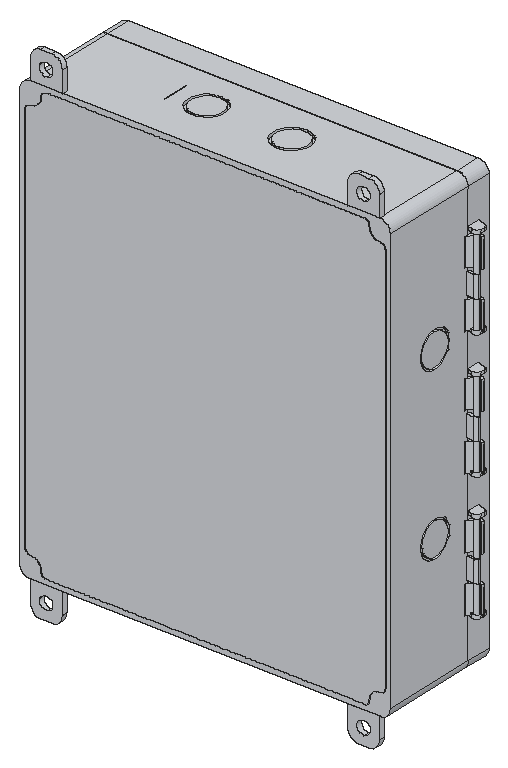
Revit family "Gas-Detectors_GSE-Generation-2-Standalone_Brasch", category Generic Models, Revit 2022
Family settings
  Can host rebar = No
  Round Connector Dimension = Use Diameter
  Part Type = Normal
  Work Plane-Based = No
  Always vertical = Yes
  Cut with Voids When Loaded = No
  Maintain Annotation Orientation = No
  Shared = No
  Room Calculation Point = No
Parameters (values of type "GSE2-ND, Nitrogen Dioxide Detector")
  WIDTH = 8.72"
  URL = "https://braschenvtech.com/"
  Specification = "https://www.arcat.com/company/brasch-environmental-technologies-52580/spec"
  Product Page URL = "https://www.arcat.com/company/brasch-environmental-technologies-52580"
  Material = Gray
  Manufacturer = "Brasch Environmental Technologies"  # constant formula
  Keynote = "28 42 15"
  Input Voltage = "24 VAC, 120 VAC"
  HEIGHT = 10.50"
  Default Elevation = 0.00"
  DEPTH = 2.90"
  Copyright = "@ARCAT"  # constant formula
  CAD Details = "https://www.arcat.com/company/brasch-environmental-technologies-52580/cad"
Types (5): name
  GSE2-CM, Carbon Monoxide Detector
  GSE2-ND, Nitrogen Dioxide Detector
  GSE2-OX, Oxygen Detector
  GSE2-NCM, Combination Detector, Nitrogen Dioxide and Carbon Monoxide
  GSE2, without any internal sensors
Reference planes (in)
  plane 1 "Center (Front/Back)": y = 0
  plane 2: z = 0
  plane 3 "Center (Left/Right)": x = 0
  plane 4: z = 0.3775
  plane 5: z = 0.4375
  plane 6: z = 0.4975
Forms (in)
  Extrusion 1, solid
    sketch origin (-4.37285, 0, 10.44843) x (0, 0, 1) y (-1, 0, 0)
      loop
        line (0.05157, -8.195) -> (0.05157, 0.025)
        arc (0.05157, 0.025) -> (-0.02165, 0.20178) -> (-0.19843, 0.275) r 0.25
        line (-0.19843, 0.275) -> (-10.19843, 0.275)
        arc (-10.19843, 0.275) -> (-10.37521, 0.20178) -> (-10.44843, 0.025) r 0.25
        line (-10.44843, 0.025) -> (-10.44843, -8.195)
        arc (-10.44843, -8.195) -> (-10.37521, -8.37178) -> (-10.19843, -8.445) r 0.25
        line (-10.19843, -8.445) -> (-0.19843, -8.445)
        arc (-0.19843, -8.445) -> (-0.02165, -8.37178) -> (0.05157, -8.195) r 0.25
      loop
        arc (-0.06843, -0.34997) -> (-0.10549, -0.26133) -> (-0.19462, -0.22546) r 0.12452
        arc (-0.19462, -0.22546) -> (-0.37407, -0.15113) -> (-0.44841, 0.02833) r 0.25379
        arc (-0.44841, 0.02833) -> (-0.48442, 0.1178) -> (-0.5734, 0.155) r 0.125
        line (-0.5734, 0.155) -> (-9.82346, 0.155)
        arc (-9.82346, 0.155) -> (-9.91244, 0.1178) -> (-9.94845, 0.02833) r 0.125
        arc (-9.94845, 0.02833) -> (-10.02279, -0.15113) -> (-10.20225, -0.22546) r 0.25379
        arc (-10.20225, -0.22546) -> (-10.29137, -0.26133) -> (-10.32843, -0.34997) r 0.12452
        line (-10.32843, -0.34997) -> (-10.32843, -7.82003)
        arc (-10.32843, -7.82003) -> (-10.29137, -7.90867) -> (-10.20225, -7.94454) r 0.12452
        arc (-10.20225, -7.94454) -> (-10.02279, -8.01887) -> (-9.94845, -8.19833) r 0.25379
        arc (-9.94845, -8.19833) -> (-9.91244, -8.2878) -> (-9.82346, -8.325) r 0.125
        line (-9.82346, -8.325) -> (-0.5734, -8.325)
        arc (-0.5734, -8.325) -> (-0.48442, -8.2878) -> (-0.44841, -8.19833) r 0.125
        arc (-0.44841, -8.19833) -> (-0.37407, -8.01887) -> (-0.19462, -7.94454) r 0.25379
        arc (-0.19462, -7.94454) -> (-0.10549, -7.90867) -> (-0.06843, -7.82003) r 0.12452
        line (-0.06843, -7.82003) -> (-0.06843, -0.34997)
    from 0 to -2.331
  Extrusion 2, solid
    sketch origin (0, 0, 0) x (1, 0, 0) y (0, 1, 0)
      loop
        line (4.1498, 2.38521) -> (4.07215, 2.276) -> (4.07215, 2.148)
        arc (4.07215, 2.148) -> (4.07469, 2.16427) -> (4.08205, 2.179) r 0.0535
        line (4.08205, 2.179) -> (4.20394, 2.35045)
        arc (4.20394, 2.35045) -> (4.25204, 2.37527) -> (4.30014, 2.35045) r 0.05902
        line (4.30014, 2.35045) -> (4.33643, 2.35045)
        arc (4.33643, 2.35045) -> (4.35667, 2.35809) -> (4.35724, 2.37971) r 0.01939
        arc (4.35724, 2.37971) -> (4.25498, 2.43774) -> (4.1498, 2.38521) r 0.125
    from 8.58333 to 9.25
  Extrusion 3, solid
    sketch origin (0, 0, -1.33333) x (1, 0, 0) y (0, 1, 0)
      loop
        line (4.1498, 2.38521) -> (4.07215, 2.276) -> (4.07215, 2.148)
        arc (4.07215, 2.148) -> (4.07469, 2.16427) -> (4.08205, 2.179) r 0.0535
        line (4.08205, 2.179) -> (4.20394, 2.35045)
        arc (4.20394, 2.35045) -> (4.25204, 2.37527) -> (4.30014, 2.35045) r 0.05902
        line (4.30014, 2.35045) -> (4.33643, 2.35045)
        arc (4.33643, 2.35045) -> (4.35667, 2.35809) -> (4.35724, 2.37971) r 0.01939
        arc (4.35724, 2.37971) -> (4.25498, 2.43774) -> (4.1498, 2.38521) r 0.125
    from 8.58333 to 9.25
  Extrusion 4, solid
    sketch origin (0, 0, -3) x (1, 0, 0) y (0, 1, 0)
      loop
        line (4.1498, 2.38521) -> (4.07215, 2.276) -> (4.07215, 2.148)
        arc (4.07215, 2.148) -> (4.07469, 2.16427) -> (4.08205, 2.179) r 0.0535
        line (4.08205, 2.179) -> (4.20394, 2.35045)
        arc (4.20394, 2.35045) -> (4.25204, 2.37527) -> (4.30014, 2.35045) r 0.05902
        line (4.30014, 2.35045) -> (4.33643, 2.35045)
        arc (4.33643, 2.35045) -> (4.35667, 2.35809) -> (4.35724, 2.37971) r 0.01939
        arc (4.35724, 2.37971) -> (4.25498, 2.43774) -> (4.1498, 2.38521) r 0.125
    from 8.58333 to 9.25
  Extrusion 5, solid
    sketch origin (0, 0, -4.33333) x (1, 0, 0) y (0, 1, 0)
      loop
        line (4.1498, 2.38521) -> (4.07215, 2.276) -> (4.07215, 2.148)
        arc (4.07215, 2.148) -> (4.07469, 2.16427) -> (4.08205, 2.179) r 0.0535
        line (4.08205, 2.179) -> (4.20394, 2.35045)
        arc (4.20394, 2.35045) -> (4.25204, 2.37527) -> (4.30014, 2.35045) r 0.05902
        line (4.30014, 2.35045) -> (4.33643, 2.35045)
        arc (4.33643, 2.35045) -> (4.35667, 2.35809) -> (4.35724, 2.37971) r 0.01939
        arc (4.35724, 2.37971) -> (4.25498, 2.43774) -> (4.1498, 2.38521) r 0.125
    from 8.58333 to 9.25
  Extrusion 6, solid
    sketch origin (0, 0, -6) x (1, 0, 0) y (0, 1, 0)
      loop
        line (4.1498, 2.38521) -> (4.07215, 2.276) -> (4.07215, 2.148)
        arc (4.07215, 2.148) -> (4.07469, 2.16427) -> (4.08205, 2.179) r 0.0535
        line (4.08205, 2.179) -> (4.20394, 2.35045)
        arc (4.20394, 2.35045) -> (4.25204, 2.37527) -> (4.30014, 2.35045) r 0.05902
        line (4.30014, 2.35045) -> (4.33643, 2.35045)
        arc (4.33643, 2.35045) -> (4.35667, 2.35809) -> (4.35724, 2.37971) r 0.01939
        arc (4.35724, 2.37971) -> (4.25498, 2.43774) -> (4.1498, 2.38521) r 0.125
    from 8.58333 to 9.25
  Extrusion 7, solid
    sketch origin (0, 0, -7.33333) x (1, 0, 0) y (0, 1, 0)
      loop
        line (4.1498, 2.38521) -> (4.07215, 2.276) -> (4.07215, 2.148)
        arc (4.07215, 2.148) -> (4.07469, 2.16427) -> (4.08205, 2.179) r 0.0535
        line (4.08205, 2.179) -> (4.20394, 2.35045)
        arc (4.20394, 2.35045) -> (4.25204, 2.37527) -> (4.30014, 2.35045) r 0.05902
        line (4.30014, 2.35045) -> (4.33643, 2.35045)
        arc (4.33643, 2.35045) -> (4.35667, 2.35809) -> (4.35724, 2.37971) r 0.01939
        arc (4.35724, 2.37971) -> (4.25498, 2.43774) -> (4.1498, 2.38521) r 0.125
    from 8.58333 to 9.25
  Extrusion 8, solid
    sketch origin (0, 0, 0) x (1, 0, 0) y (0, 1, 0)
      loop
        line (4.07215, 2.211) -> (4.27015, 2.211)
        arc (4.27015, 2.211) -> (4.31106, 2.21894) -> (4.34602, 2.24159) r 0.10938
        arc (4.34602, 2.24159) -> (4.3507, 2.26348) -> (4.33215, 2.276) r 0.02
        line (4.33215, 2.276) -> (4.30015, 2.276)
        arc (4.30015, 2.276) -> (4.25165, 2.25147) -> (4.20315, 2.276) r 0.0602
        line (4.20315, 2.276) -> (4.07215, 2.276) -> (4.07215, 2.211)
    from 7.99997 to 8.50003
  Extrusion 9, solid
    sketch origin (0, 0, -3) x (1, 0, 0) y (0, 1, 0)
      loop
        line (4.07215, 2.211) -> (4.27015, 2.211)
        arc (4.27015, 2.211) -> (4.31106, 2.21894) -> (4.34602, 2.24159) r 0.10938
        arc (4.34602, 2.24159) -> (4.3507, 2.26348) -> (4.33215, 2.276) r 0.02
        line (4.33215, 2.276) -> (4.30015, 2.276)
        arc (4.30015, 2.276) -> (4.25165, 2.25147) -> (4.20315, 2.276) r 0.0602
        line (4.20315, 2.276) -> (4.07215, 2.276) -> (4.07215, 2.211)
    from 7.99997 to 8.50003
  Extrusion 10, solid
    sketch origin (0, 0, -6) x (1, 0, 0) y (0, 1, 0)
      loop
        line (4.07215, 2.211) -> (4.27015, 2.211)
        arc (4.27015, 2.211) -> (4.31106, 2.21894) -> (4.34602, 2.24159) r 0.10938
        arc (4.34602, 2.24159) -> (4.3507, 2.26348) -> (4.33215, 2.276) r 0.02
        line (4.33215, 2.276) -> (4.30015, 2.276)
        arc (4.30015, 2.276) -> (4.25165, 2.25147) -> (4.20315, 2.276) r 0.0602
        line (4.20315, 2.276) -> (4.07215, 2.276) -> (4.07215, 2.211)
    from 7.99997 to 8.50003
  Extrusion 11, solid
    sketch origin (-4.1404, 0.12, 0.33138) x (0, 0, -1) y (-1, 0, 0)
      loop
        circle (-9.57553, -6.20256) r 0.14
      loop
        circle (-9.57553, -6.20256) r 0.05482
      loop
        circle (-9.57244, -1.5026) r 0.14
      loop
        circle (-9.57244, -1.5026) r 0.05482
      loop
        circle (-4.87594, -1.50149) r 0.14
      loop
        circle (-4.87594, -1.50149) r 0.05482
      loop
        circle (-4.87612, -6.20255) r 0.14
      loop
        circle (-4.87612, -6.20255) r 0.05482
    from 0 to 2.278
  Extrusion 12, solid
    sketch origin (-2.8954, 0.12, -3.98112) x (0, 0, -1) y (-1, 0, 0)
      loop
        circle (-4.87612, -6.20255) r 0.14
      loop
        circle (-4.87612, -6.20255) r 0.06853
      loop
        circle (-4.87612, -5.58255) r 0.14
      loop
        circle (-4.87612, -5.58255) r 0.06853
      loop
        circle (-4.87612, -2.91755) r 0.14
      loop
        circle (-4.87612, -2.91755) r 0.06853
      loop
        circle (-4.87612, -2.29755) r 0.14
      loop
        circle (-4.87612, -2.29755) r 0.06853
      loop
        circle (-4.87612, 0.98731) r 0.14
      loop
        circle (-4.87612, 0.98731) r 0.06853
      loop
        circle (-12.14112, 0.98745) r 0.14
      loop
        circle (-12.14112, 0.98745) r 0.06853
      loop
        circle (-12.14112, -6.20255) r 0.14
      loop
        circle (-12.14112, -6.20255) r 0.06853
      loop
        circle (-13.34612, -4.25005) r 0.14
      loop
        circle (-13.34612, -4.25005) r 0.06853
      loop
        circle (-13.34612, -0.96505) r 0.14
      loop
        circle (-13.34612, -0.96505) r 0.06853
      loop
        circle (-11.03862, -2.60755) r 0.14
      loop
        circle (-11.03862, -2.60755) r 0.06853
      loop
        circle (-9.48612, -0.96505) r 0.14
      loop
        circle (-9.48612, -0.96505) r 0.06853
      loop
        circle (-9.48612, -4.25005) r 0.14
      loop
        circle (-9.48612, -4.25005) r 0.06853
      loop
        circle (-9.88824, -6.211) r 0.14
      loop
        circle (-9.88824, -6.211) r 0.06853
      loop
        circle (-8.73612, -6.20255) r 0.14
      loop
        circle (-8.73612, -6.20255) r 0.06853
      loop
        circle (-8.73612, -5.58255) r 0.14
      loop
        circle (-8.73612, -5.58255) r 0.06853
      loop
        circle (-8.73612, -2.91755) r 0.14
      loop
        circle (-8.73612, -2.91755) r 0.06853
      loop
        circle (-8.73612, -2.29755) r 0.14
      loop
        circle (-8.73612, -2.29755) r 0.06853
      loop
        circle (-8.73612, 0.98745) r 0.14
      loop
        circle (-8.73612, 0.98745) r 0.06853
      loop
        circle (-9.93612, 0.98745) r 0.14
      loop
        circle (-9.93612, 0.98745) r 0.06853
    from 0 to 0.4
  Extrusion 13, solid
    sketch origin (-2.7504, 0.12, -4.27612) x (0, 0, -1) y (-1, 0, 0)
      loop
        circle (-4.87612, -6.20255) r 0.14
      loop
        circle (-4.87612, -6.20255) r 0.06853
      loop
        circle (-4.87612, 1.27745) r 0.14
      loop
        circle (-4.87612, 1.27745) r 0.06853
      loop
        circle (-14.17612, 1.27745) r 0.14
      loop
        circle (-14.17612, 1.27745) r 0.06853
      loop
        circle (-14.17612, -6.20255) r 0.14
      loop
        circle (-14.17612, -6.20255) r 0.06853
      loop
        circle (-9.52612, -2.46255) r 0.14
      loop
        circle (-9.52612, -2.46255) r 0.06853
    from 0 to 0.2
  Extrusion 14, solid
    sketch origin (1.94394, 0.7353, 5.1325) x (0, 1, 0) y (-1, 0, 0)
      loop
        line (-0.6153, 0.44574) -> (-0.6153, 0.00939) -> (-0.01296, 0.00939) -> (-0.6153, 0.44574)
      loop
        line (0, 4.46357) -> (-0.6153, 4.46357) -> (-0.6153, 4.01783) -> (0, 4.46357)
    from 0 to 0.15
  Extrusion 15, solid
    sketch origin (1.94393, 0.7353, 9.8315) x (0, 1, 0) y (-1, 0, 0)
      loop
        line (-0.6153, 0.44574) -> (-0.6153, 0.00939) -> (-0.01296, 0.00939) -> (-0.6153, 0.44574)
      loop
        line (0, 4.46357) -> (-0.6153, 4.46357) -> (-0.6153, 4.01783) -> (0, 4.46357)
    from 0 to 0.15
  Extrusion 16, solid
    sketch origin (-2.56285, 0.7353, 5.32572) x (0, 0, -1) y (0, 1, 0)
      loop
        line (0, 0) -> (-0.44574, -0.6153) -> (0, -0.6153) -> (0, 0)
      loop
        line (-4.46357, -0.6153) -> (-4.01683, -0.6153) -> (-4.46357, 0.00138) -> (-4.46357, -0.6153)
    from 0 to -0.15
  Extrusion 17, solid
    sketch origin (2.13635, 0.7353, 5.32572) x (0, 0, -1) y (0, 1, 0)
      loop
        line (0, 0) -> (-0.44574, -0.6153) -> (0, -0.6153) -> (0, 0)
      loop
        line (-4.46357, -0.6153) -> (-4.01683, -0.6153) -> (-4.46357, 0.00138) -> (-4.46357, -0.6153)
    from 0 to -0.15
  Extrusion 18, solid
    sketch origin (-4.1404, 0.12, 0.33138) x (0, 0, -1) y (-1, 0, 0)
      loop
        line (-10.04862, -0.11752) -> (-10.04862, -7.58759)
        arc (-10.04862, -7.58759) -> (-10.01156, -7.67622) -> (-9.92244, -7.7121) r 0.12452
        arc (-9.92244, -7.7121) -> (-9.74298, -7.78643) -> (-9.66864, -7.96589) r 0.25379
        arc (-9.66864, -7.96589) -> (-9.63263, -8.05535) -> (-9.54366, -8.09256) r 0.125
        line (-9.54366, -8.09256) -> (-0.29359, -8.09256)
        arc (-0.29359, -8.09256) -> (-0.20461, -8.05535) -> (-0.1686, -7.96589) r 0.125
        arc (-0.1686, -7.96589) -> (-0.09427, -7.78643) -> (0.08519, -7.7121) r 0.25379
        arc (0.08519, -7.7121) -> (0.17432, -7.67622) -> (0.21138, -7.58759) r 0.12452
        line (0.21138, -7.58759) -> (0.21138, -0.11752)
        arc (0.21138, -0.11752) -> (0.17432, -0.02889) -> (0.08519, 0.00698) r 0.12452
        arc (0.08519, 0.00698) -> (-0.09427, 0.08132) -> (-0.1686, 0.26078) r 0.25379
        arc (-0.1686, 0.26078) -> (-0.20461, 0.35024) -> (-0.29359, 0.38744) r 0.125
        line (-0.29359, 0.38744) -> (-9.54366, 0.38744)
        arc (-9.54366, 0.38744) -> (-9.63263, 0.35024) -> (-9.66864, 0.26078) r 0.125
        arc (-9.66864, 0.26078) -> (-9.74298, 0.08132) -> (-9.92244, 0.00698) r 0.25379
        arc (-9.92244, 0.00698) -> (-10.01156, -0.02889) -> (-10.04862, -0.11752) r 0.12452
    from 0 to -0.12
  Extrusion 19, solid
    sketch origin (-4.1404, 0.12, 0.33138) x (0, 0, -1) y (-1, 0, 0)
      loop
        line (0.83138, 0.25744) -> (0.33138, 0.25744) -> (0.33138, -0.49256) -> (0.83138, -0.49256)
        arc (0.83138, -0.49256) -> (1.00815, -0.41933) -> (1.08138, -0.24256) r 0.25
        line (1.08138, -0.24256) -> (1.08138, 0.00744)
        arc (1.08138, 0.00744) -> (1.00815, 0.18422) -> (0.83138, 0.25744) r 0.25
      loop
        line (0.83138, -7.21256) -> (0.33138, -7.21256) -> (0.33138, -7.96256) -> (0.83138, -7.96256)
        arc (0.83138, -7.96256) -> (1.00815, -7.88933) -> (1.08138, -7.71256) r 0.25
        line (1.08138, -7.71256) -> (1.08138, -7.46256)
        arc (1.08138, -7.46256) -> (1.00815, -7.28578) -> (0.83138, -7.21256) r 0.25
      loop
        circle (0.70638, -0.11756) r 0.16
      loop
        circle (0.70638, -7.58756) r 0.16
      loop
        arc (-10.66862, 0.25744) -> (-10.8454, 0.18422) -> (-10.91862, 0.00744) r 0.25
        line (-10.91862, 0.00744) -> (-10.91862, -0.24256)
        arc (-10.91862, -0.24256) -> (-10.8454, -0.41933) -> (-10.66862, -0.49256) r 0.25
        line (-10.66862, -0.49256) -> (-10.16862, -0.49256) -> (-10.16862, 0.25744) -> (-10.66862, 0.25744)
      loop
        arc (-10.66862, -7.21256) -> (-10.8454, -7.28578) -> (-10.91862, -7.46256) r 0.25
        line (-10.91862, -7.46256) -> (-10.91862, -7.71256)
        arc (-10.91862, -7.71256) -> (-10.8454, -7.88933) -> (-10.66862, -7.96256) r 0.25
        line (-10.66862, -7.96256) -> (-10.16862, -7.96256) -> (-10.16862, -7.21256) -> (-10.66862, -7.21256)
      loop
        circle (-10.54362, -0.11756) r 0.16
      loop
        circle (-10.54362, -7.58756) r 0.16
    from 0 to -0.12
  Extrusion 20, void
    sketch origin (-4.64785, 0, 10.25) x (0, 0, 1) y (0, -1, 0)
      loop
        circle (-3, -1.3) r 0.4375
      loop
        circle (-3, -1.3) r 0.375
      loop
        circle (-7.00175, -1.30665) r 0.4375
      loop
        circle (-7.00175, -1.30665) r 0.375
    from 0 to 0.066
  Extrusion 21, void
    sketch origin (4.07215, 0, 10.25) x (0, 0, 1) y (0, 1, 0)
      loop
        circle (-3, 1.3) r 0.4375
      loop
        circle (-3, 1.3) r 0.375
      loop
        circle (-7.00175, 1.30665) r 0.4375
      loop
        circle (-7.00175, 1.30665) r 0.375
    from 0 to 0.066
  Extrusion 22, void
    sketch origin (3.82215, 0, 10.5) x (0, -1, 0) y (-1, 0, 0)
      loop
        circle (-1.3, 3.11) r 0.4375
      loop
        circle (-1.3, 3.11) r 0.375
      loop
        circle (-1.3, 5.11) r 0.4375
      loop
        circle (-1.3, 5.11) r 0.375
    from 0 to 0.066
  Extrusion 23, void
    sketch origin (3.82215, 0, 0) x (1, 0, 0) y (0, 1, 0)
      loop
        circle (-4.11, 1.3) r 0.4375
      loop
        circle (-4.11, 1.3) r 0.375
      loop
        circle (-6.11, 1.3) r 0.4375
      loop
        circle (-6.11, 1.3) r 0.375
      loop
        circle (-2.11, 1.3) r 0.4375
      loop
        circle (-2.11, 1.3) r 0.375
    from 0 to 0.066
  Extrusion 24, void
    sketch origin (-4.1404, 0.12, 0.33138) x (0, 0, 1) y (-1, 0, 0)
      loop
        circle (9.91862, -7.96256) r 0.095
      loop
        circle (9.91862, 0.25744) r 0.095
      loop
        circle (-0.08138, 0.25744) r 0.095
      loop
        circle (-0.08138, -7.96256) r 0.095
    from 0 to -2.211
  Extrusion 25, void
    sketch origin (-4.1404, 0.12, 0.33138) x (0, 0, 1) y (-1, 0, 0)
      loop
        arc (0.11752, -7.96526) -> (0.1677, -8.08884) -> (0.2908, -8.14017) r 0.17328
        line (0.2908, -8.14017) -> (9.53397, -8.14017)
        arc (9.53397, -8.14017) -> (9.65805, -8.08761) -> (9.70665, -7.96192) r 0.17276
        arc (9.70665, -7.96192) -> (9.76671, -7.81193) -> (9.91574, -7.74951) r 0.20912
        arc (9.91574, -7.74951) -> (10.05002, -7.70032) -> (10.10658, -7.56896) r 0.18083
        line (10.10658, -7.56896) -> (10.10658, -0.1171)
        arc (10.10658, -0.1171) -> (10.06269, 0.00019) -> (9.95259, 0.05987) r 0.17868
        arc (9.95259, 0.05987) -> (9.79087, 0.1073) -> (9.72085, 0.2606) r 0.2028
        arc (9.72085, 0.2606) -> (9.67059, 0.38594) -> (9.54602, 0.43809) r 0.17486
        line (9.54602, 0.43809) -> (0.29665, 0.43809)
        arc (0.29665, 0.43809) -> (0.17157, 0.3861) -> (0.12017, 0.26078) r 0.17649
        arc (0.12017, 0.26078) -> (0.06099, 0.11654) -> (-0.08244, 0.05543) r 0.20536
        arc (-0.08244, 0.05543) -> (-0.20825, 0.00618) -> (-0.26095, -0.11821) r 0.1741
        line (-0.26095, -0.11821) -> (-0.26095, -7.58775)
        arc (-0.26095, -7.58775) -> (-0.20934, -7.71155) -> (-0.08507, -7.76202) r 0.17428
        arc (-0.08507, -7.76202) -> (0.05822, -7.82177) -> (0.11752, -7.96526) r 0.20324
      loop
        line (-0.33138, 0.25744) -> (-0.33138, -7.96256)
        arc (-0.33138, -7.96256) -> (-0.25815, -8.13933) -> (-0.08138, -8.21256) r 0.25
        line (-0.08138, -8.21256) -> (9.91862, -8.21256)
        arc (9.91862, -8.21256) -> (10.0954, -8.13933) -> (10.16862, -7.96256) r 0.25
        line (10.16862, -7.96256) -> (10.16862, 0.25744)
        arc (10.16862, 0.25744) -> (10.0954, 0.43422) -> (9.91862, 0.50744) r 0.25
        line (9.91862, 0.50744) -> (-0.08138, 0.50744)
        arc (-0.08138, 0.50744) -> (-0.25815, 0.43422) -> (-0.33138, 0.25744) r 0.25
    from -2.156 to -2.211
Cuts and joins
  Extrusion 20, Extrusion 21, Extrusion 22, Extrusion 23, Extrusion 24, Extrusion 25 cuts Extrusion 1
  Extrusion 25 cuts Extrusion 19
Dimensions and locks (in)
  locked: plane 4 to level at 0.3775
  plane 6 to plane 5 to plane 4 = 0.06" locked, 0.06" locked
  aligned and locked: plane 2 to level
Nested families (in)
  nested 1: "GSE2 lid" at (-0.00781, 2.77818, 0), type "GSE2 lid"
Definition of nested family "GSE2 lid"
  Parameters (values of type "GSE2 lid")
    Default Elevation = 0.00"
  Reference planes (in)
    plane 1 "Center (Front/Back)": y = 0
    plane 2: z = 0
    plane 3 "Center (Left/Right)": x = 0
  Forms (in)
    Extrusion 1, solid
      sketch origin (-3.43, 0.11, 0.7) x (0, 0, -1) y (-1, 0, 0)
        loop
          line (0.7, -7.26) -> (0.7, 0.96)
          arc (0.7, 0.96) -> (0.62678, 1.13678) -> (0.45, 1.21) r 0.25
          line (0.45, 1.21) -> (-9.55, 1.21)
          arc (-9.55, 1.21) -> (-9.72678, 1.13678) -> (-9.8, 0.96) r 0.25
          line (-9.8, 0.96) -> (-9.8, -7.26)
          arc (-9.8, -7.26) -> (-9.72678, -7.43678) -> (-9.55, -7.51) r 0.25
          line (-9.55, -7.51) -> (0.45, -7.51)
          arc (0.45, -7.51) -> (0.62678, -7.43678) -> (0.7, -7.26) r 0.25
        loop
          arc (0.48, 0.58503) -> (0.19365, 0.70365) -> (0.07503, 0.99) r 0.40497
          line (0.07503, 0.99) -> (-9.17503, 0.99)
          arc (-9.17503, 0.99) -> (-9.29365, 0.70365) -> (-9.58, 0.58503) r 0.40497
          line (-9.58, 0.58503) -> (-9.58, -6.88503)
          arc (-9.58, -6.88503) -> (-9.29365, -7.00365) -> (-9.17503, -7.29) r 0.40497
          line (-9.17503, -7.29) -> (0.07503, -7.29)
          arc (0.07503, -7.29) -> (0.19365, -7.00365) -> (0.48, -6.88503) r 0.40497
          line (0.48, -6.88503) -> (0.48, 0.58503)
      from 0 to -0.61
    Extrusion 2, solid
      sketch origin (-3.43, 0.11, 0.7) x (0, 0, -1) y (-1, 0, 0)
        loop
          line (0.07503, 0.99) -> (-9.17503, 0.99)
          arc (-9.17503, 0.99) -> (-9.29365, 0.70365) -> (-9.58, 0.58503) r 0.40497
          line (-9.58, 0.58503) -> (-9.58, -6.88503)
          arc (-9.58, -6.88503) -> (-9.29365, -7.00365) -> (-9.17503, -7.29) r 0.40497
          line (-9.17503, -7.29) -> (0.07503, -7.29)
          arc (0.07503, -7.29) -> (0.19365, -7.00365) -> (0.48, -6.88503) r 0.40497
          line (0.48, -6.88503) -> (0.48, 0.58503)
          arc (0.48, 0.58503) -> (0.19365, 0.70365) -> (0.07503, 0.99) r 0.40497
        loop
          arc (-6.732, -2.1335) -> (-6.75045, -2.08895) -> (-6.795, -2.0705) r 0.063
          line (-6.795, -2.0705) -> (-7.519, -2.0705)
          arc (-7.519, -2.0705) -> (-7.56355, -2.08895) -> (-7.582, -2.1335) r 0.063
          line (-7.582, -2.1335) -> (-7.582, -4.1665)
          arc (-7.582, -4.1665) -> (-7.56355, -4.21105) -> (-7.519, -4.2295) r 0.063
          line (-7.519, -4.2295) -> (-6.795, -4.2295)
          arc (-6.795, -4.2295) -> (-6.75045, -4.21105) -> (-6.732, -4.1665) r 0.063
          line (-6.732, -4.1665) -> (-6.732, -2.1335)
        loop
          arc (-6.353, -6.193) -> (-6.29, -6.13) -> (-6.353, -6.067) r 0.063
          line (-6.353, -6.067) -> (-7.353, -6.067)
          arc (-7.353, -6.067) -> (-7.416, -6.13) -> (-7.353, -6.193) r 0.063
          line (-7.353, -6.193) -> (-6.353, -6.193)
        loop
          circle (-6.833, -4.65) r 0.125
        loop
          circle (-6.283, -4.13) r 0.125
        loop
          circle (-6.283, -3.48) r 0.125
        loop
          circle (-6.283, -2.82) r 0.125
        loop
          circle (-6.283, -2.17) r 0.125
        loop
          circle (-6.833, -1.65) r 0.125
        loop
          circle (-7.483, -1.65) r 0.125
        loop
          circle (-8.033, -2.17) r 0.125
        loop
          circle (-8.033, -4.13) r 0.125
        loop
          circle (-7.483, -4.65) r 0.125
      from 0 to -0.11
    Extrusion 3, void
      sketch origin (-3.43, 0.11, 0.7) x (0, 0, -1) y (-1, 0, 0)
        loop
          line (-9.17396, -7.345) -> (0.07503, -7.345)
          arc (0.07503, -7.345) -> (0.13236, -7.32126) -> (0.1561, -7.26393) r 0.08107
          arc (0.1561, -7.26393) -> (0.25319, -7.04324) -> (0.47998, -6.96138) r 0.30599
          arc (0.47998, -6.96138) -> (0.51645, -6.93752) -> (0.535, -6.8981) r 0.08
          line (0.535, -6.8981) -> (0.535, 0.5981)
          arc (0.535, 0.5981) -> (0.51645, 0.63752) -> (0.47998, 0.66138) r 0.08
          arc (0.47998, 0.66138) -> (0.25319, 0.74324) -> (0.1561, 0.96393) r 0.30599
          arc (0.1561, 0.96393) -> (0.13236, 1.02126) -> (0.07503, 1.045) r 0.08107
          line (0.07503, 1.045) -> (-9.17396, 1.045)
          arc (-9.17396, 1.045) -> (-9.23128, 1.02126) -> (-9.25503, 0.96393) r 0.08107
          arc (-9.25503, 0.96393) -> (-9.35212, 0.74324) -> (-9.57891, 0.66138) r 0.30599
          arc (-9.57891, 0.66138) -> (-9.61947, 0.6324) -> (-9.635, 0.58503) r 0.08
          line (-9.635, 0.58503) -> (-9.635, -6.88503)
          arc (-9.635, -6.88503) -> (-9.61947, -6.9324) -> (-9.57891, -6.96138) r 0.08
          arc (-9.57891, -6.96138) -> (-9.35212, -7.04324) -> (-9.25503, -7.26393) r 0.30599
          arc (-9.25503, -7.26393) -> (-9.23128, -7.32126) -> (-9.17396, -7.345) r 0.08107
        loop
          arc (0.07611, -7.445) -> (0.18268, -7.41006) -> (0.24788, -7.31879) r 0.18
          arc (0.24788, -7.31879) -> (0.31568, -7.1246) -> (0.50987, -7.05681) r 0.23668
          arc (0.50987, -7.05681) -> (0.60673, -6.98353) -> (0.635, -6.8654) r 0.18
          line (0.635, -6.8654) -> (0.635, 0.5654)
          arc (0.635, 0.5654) -> (0.60673, 0.68353) -> (0.50987, 0.75681) r 0.18
          arc (0.50987, 0.75681) -> (0.31568, 0.8246) -> (0.24788, 1.01879) r 0.23668
          arc (0.24788, 1.01879) -> (0.18268, 1.11006) -> (0.07611, 1.145) r 0.18
          line (0.07611, 1.145) -> (-9.17503, 1.145)
          arc (-9.17503, 1.145) -> (-9.28161, 1.11006) -> (-9.34681, 1.01879) r 0.18
          arc (-9.34681, 1.01879) -> (-9.4146, 0.8246) -> (-9.60879, 0.75681) r 0.23668
          arc (-9.60879, 0.75681) -> (-9.70006, 0.69161) -> (-9.735, 0.58503) r 0.18
          line (-9.735, 0.58503) -> (-9.735, -6.88503)
          arc (-9.735, -6.88503) -> (-9.70006, -6.99161) -> (-9.60879, -7.05681) r 0.18
          arc (-9.60879, -7.05681) -> (-9.4146, -7.1246) -> (-9.34681, -7.31879) r 0.23668
          arc (-9.34681, -7.31879) -> (-9.28161, -7.41006) -> (-9.17503, -7.445) r 0.18
          line (-9.17503, -7.445) -> (0.07611, -7.445)
      from -0.61 to -0.512
    Extrusion 4, void
      sketch origin (-3.43, 0.11, 0.7) x (0, 0, -1) y (-1, 0, 0)
        loop
          circle (0.45, -7.26) r 0.0705
        loop
          circle (0.45, 0.96) r 0.0705
        loop
          circle (-9.55, 0.96) r 0.0705
        loop
          circle (-9.55, -7.26) r 0.0705
      from -0.04 to -0.61
    Extrusion 5, solid
      sketch origin (4.225, -0.40438, 1.2375) x (1, 0, 0) y (0, 1, 0)
        loop
          line (0.08715, 0.11037) -> (-0.145, 0.20438) -> (-0.145, -0.09562) -> (-0.00253, -0.15331)
          arc (-0.00253, -0.15331) -> (0.09089, -0.14355) -> (0.135, -0.06062) r 0.1
          line (0.135, -0.06062) -> (0.135, 0.03938)
          arc (0.135, 0.03938) -> (0.12192, 0.08218) -> (0.08715, 0.11037) r 0.07659
      from 0 to 0.075
    Extrusion 6, solid
      sketch origin (4.225, -0.40438, 3.3475) x (1, 0, 0) y (0, 1, 0)
        loop
          line (0.08715, 0.11037) -> (-0.145, 0.20438) -> (-0.145, -0.09562) -> (-0.00253, -0.15331)
          arc (-0.00253, -0.15331) -> (0.09089, -0.14355) -> (0.135, -0.06062) r 0.1
          line (0.135, -0.06062) -> (0.135, 0.03938)
          arc (0.135, 0.03938) -> (0.12192, 0.08218) -> (0.08715, 0.11037) r 0.07659
      from 0.01 to 0.085
    Extrusion 7, solid
      sketch origin (4.225, -0.40438, 1.2375) x (1, 0, 0) y (0, 1, 0)
        loop
          circle (0.03503, -0.06062) r 0.06027
      from 0.075 to 2.12
    Extrusion 8, solid
      sketch origin (4.225, -0.40438, 4.2375) x (1, 0, 0) y (0, 1, 0)
        loop
          line (0.08715, 0.11037) -> (-0.145, 0.20438) -> (-0.145, -0.09562) -> (-0.00253, -0.15331)
          arc (-0.00253, -0.15331) -> (0.09089, -0.14355) -> (0.135, -0.06062) r 0.1
          line (0.135, -0.06062) -> (0.135, 0.03938)
          arc (0.135, 0.03938) -> (0.12192, 0.08218) -> (0.08715, 0.11037) r 0.07659
      from 0 to 0.075
    Extrusion 9, solid
      sketch origin (4.225, -0.40438, 6.3475) x (1, 0, 0) y (0, 1, 0)
        loop
          line (0.08715, 0.11037) -> (-0.145, 0.20438) -> (-0.145, -0.09562) -> (-0.00253, -0.15331)
          arc (-0.00253, -0.15331) -> (0.09089, -0.14355) -> (0.135, -0.06062) r 0.1
          line (0.135, -0.06062) -> (0.135, 0.03938)
          arc (0.135, 0.03938) -> (0.12192, 0.08218) -> (0.08715, 0.11037) r 0.07659
      from 0.01 to 0.085
    Extrusion 10, solid
      sketch origin (4.225, -0.40438, 4.2375) x (1, 0, 0) y (0, 1, 0)
        loop
          circle (0.03503, -0.06062) r 0.06027
      from 0.075 to 2.12
    Extrusion 11, solid
      sketch origin (4.225, -0.40438, 7.2375) x (1, 0, 0) y (0, 1, 0)
        loop
          line (0.08715, 0.11037) -> (-0.145, 0.20438) -> (-0.145, -0.09562) -> (-0.00253, -0.15331)
          arc (-0.00253, -0.15331) -> (0.09089, -0.14355) -> (0.135, -0.06062) r 0.1
          line (0.135, -0.06062) -> (0.135, 0.03938)
          arc (0.135, 0.03938) -> (0.12192, 0.08218) -> (0.08715, 0.11037) r 0.07659
      from 0 to 0.075
    Extrusion 12, solid
      sketch origin (4.225, -0.40438, 9.3475) x (1, 0, 0) y (0, 1, 0)
        loop
          line (0.08715, 0.11037) -> (-0.145, 0.20438) -> (-0.145, -0.09562) -> (-0.00253, -0.15331)
          arc (-0.00253, -0.15331) -> (0.09089, -0.14355) -> (0.135, -0.06062) r 0.1
          line (0.135, -0.06062) -> (0.135, 0.03938)
          arc (0.135, 0.03938) -> (0.12192, 0.08218) -> (0.08715, 0.11037) r 0.07659
      from 0.01 to 0.085
    Extrusion 13, solid
      sketch origin (4.225, -0.40438, 7.2375) x (1, 0, 0) y (0, 1, 0)
        loop
          circle (0.03503, -0.06062) r 0.06027
      from 0.075 to 2.12
  Cuts and joins
    Extrusion 3, Extrusion 4 cuts Extrusion 1
  Dimensions and locks (in)
    aligned and locked: plane 2 to level
